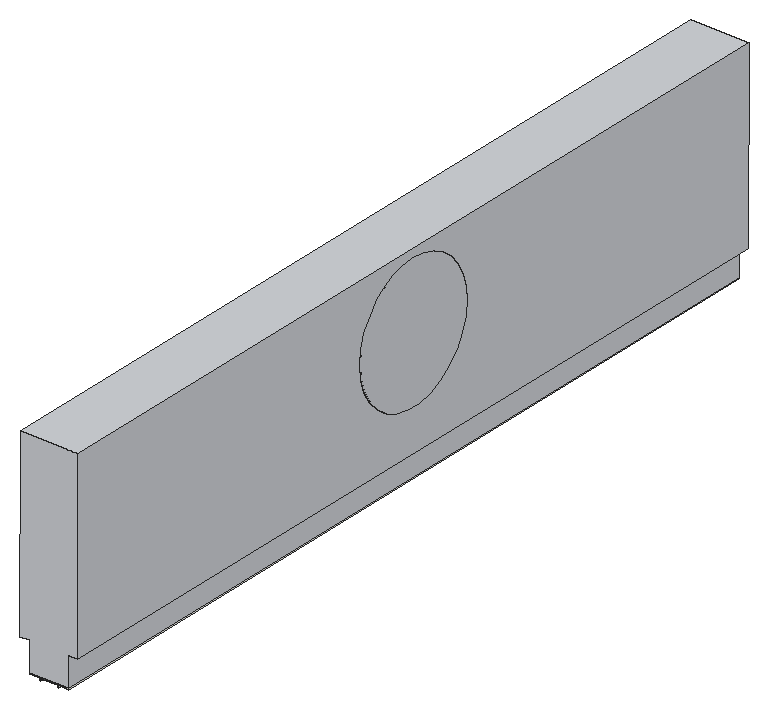
Revit family "MADEL_DIFFUSER_HIDDEN LINEAR_LOOK-SM+PLOK-SM (1.D1)_0", category Air Terminals, Revit 2015
Parameters (values of type "LOOK-SM+PLOK-SM 20x1000")
  n_factor = 27.054
  m_factor = 1.9026
  c_factor = 7.2288
  b_factor = -0.14546
  Vmin = 2.5 m/s  # constant formula
  Vmed = 3.5 m/s  # constant formula
  Vmax = 4.5 m/s  # constant formula
  V[m/s] [instance] = Q / Afree / 1.0 m/s  # 3.5
  URL = "http://www.madel.com/en/producto/look-hidden-linear-diffusers/"
  Standard = "UNE 23-727 M2/ NFP 92-501 M2/ DIN 4102 M2"  # constant formula
  Revit Version = "Revit 2015 - English"  # constant formula
  Review Date = "11/2016"  # constant formula
  RAL [instance] = ""
  R9010 [instance] = no
  R9005 [instance] = no
  R1 = D_Connector / 2  # 80.0 mm
  R [instance] = yes
  Q_conector [instance] = Q / 1  # 170.1 m³/h
  Q [instance] = 170.1 m³/h
  Product Type [instance] = Model  # "LOOK-SM+PLOK-SM 20x1000"
  Product Size = "20x1000"
  Product Reference [instance] = if(and(AR, Nº Options = 1), "LOOK-SM-AR+PLOK-SM", if(and(ARD, Nº Options = 1), "LOOK-SM-ARD+PLOK-SM", if(and(INT, Nº Options = 1), "LOOK-SM-INT+PLOK-SM", if(and(ARI, Nº Options = 1), "LOOK-SM-ARI+PLOK-SM", if(and(AR, R, Nº Options = 2), "LOOK-SM-AR+PLOK-SM-R", if(and(ARD, R, Nº Options = 2), "LOOK-SM-ARD+PLOK-SM-R", if(and(INT, R, Nº Options = 2), "LOOK-SM-INT+PLOK-SM-R", if(and(ARI, R, Nº Options = 2), "LOOK-SM-ARI+PLOK-SM-R", if(and(AR, R, [(D)], Nº Options = 3), "LOOK-SM-AR+PLOK-SM-R (D)", if(and(ARD, R, [(D)], Nº Options = 3), "LOOK-SM-ARD+PLOK-SM-R (D)", if(and(INT, R, [(D)], Nº Options = 3), "LOOK-SM-INT+PLOK-SM-R (D)", if(and(ARI, R, [(D)], Nº Options = 3), "LOOK-SM-ARI+PLOK-SM-R (D)", if(and(AR, R, [(PM)], Nº Options = 3), "LOOK-SM-AR+PLOK-SM-R (PM)", if(and(ARD, R, [(PM)], Nº Options = 3), "LOOK-SM-ARD+PLOK-SM-R (PM)", if(and(INT, R, [(PM)], Nº Options = 3), "LOOK-SM-INT+PLOK-SM-R (PM)", if(and(ARI, R, [(PM)], Nº Options = 3), "LOOK-SM-ARI+PLOK-SM-R (PM)", if(and(AR, R, [(L)], Nº Options = 3), "LOOK-SM-AR+PLOK-SM-R (L)", if(and(ARD, R, [(L)], Nº Options = 3), "LOOK-SM-ARD+PLOK-SM-R (L)", if(and(INT, R, [(L)], Nº Options = 3), "LOOK-SM-INT+PLOK-SM-R (L)", if(and(ARI, R, [(L)], Nº Options = 3), "LOOK-SM-ARI+PLOK-SM-R (L)", if(and(AR, AIS, R, Nº Options = 3), "LOOK-SM-AR+PLOK-SM-AIS-R", if(and(ARD, AIS, R, Nº Options = 3), "LOOK-SM-ARD+PLOK-SM-AIS-R", if(and(INT, AIS, R, Nº Options = 3), "LOOK-SM-INT+PLOK-SM-AIS-R", if(and(ARI, AIS, R, Nº Options = 3), "LOOK-SM-ARI+PLOK-SM-AIS-R", if(and(AR, AIS, Nº Options = 2), "LOOK-SM-AR+PLOK-SM-AIS", if(and(ARD, AIS, Nº Options = 2), "LOOK-SM-ARD+PLOK-SM-AIS", if(and(INT, AIS, Nº Options = 2), "LOOK-SM-INT+PLOK-SM-AIS", if(and(ARI, AIS, Nº Options = 2), "LOOK-SM-ARI+PLOK-SM-AIS", if(and(AR, AIS, [(D)], Nº Options = 3), "LOOK-SM-AR+PLOK-SM-AIS (D)", if(and(ARD, AIS, [(D)], Nº Options = 3), "LOOK-SM-ARD+PLOK-SM-AIS (D)", if(and(INT, AIS, [(D)], Nº Options = 3), "LOOK-SM-INT+PLOK-SM-AIS (D)", if(and(ARI, AIS, [(D)], Nº Options = 3), "LOOK-SM-ARI+PLOK-SM-AIS (D)", if(and(AR, AIS, [(PM)], Nº Options = 3), "LOOK-SM-AR+PLOK-SM-AIS (PM)", if(and(ARD, AIS, [(PM)], Nº Options = 3), "LOOK-SM-ARD+PLOK-SM-AIS (PM)", if(and(INT, AIS, [(PM)], Nº Options = 3), "LOOK-SM-INT+PLOK-SM-AIS (PM)", if(and(ARI, AIS, [(PM)], Nº Options = 3), "LOOK-SM-ARI+PLOK-SM-AIS (PM)", if(and(AR, AIS, [(L)], Nº Options = 3), "LOOK-SM-AR+PLOK-SM-AIS (L)", if(and(ARD, AIS, [(L)], Nº Options = 3), "LOOK-SM-ARD+PLOK-SM-AIS (L)", if(and(INT, AIS, [(L)], Nº Options = 3), "LOOK-SM-INT+PLOK-SM-AIS (L)", if(and(ARI, AIS, [(L)], Nº Options = 3), "LOOK-SM-ARI+PLOK-SM-AIS (L)", if(and(AR, R, AIS, [(D)], Nº Options = 4), "LOOK-SM-AR+PLOK-SM-AIS-R (D)", if(and(ARD, R, AIS, [(D)], Nº Options = 4), "LOOK-SM-ARD+PLOK-SM-AIS-R (D)", if(and(INT, R, AIS, [(D)], Nº Options = 4), "LOOK-SM-INT+PLOK-SM-AIS-R (D)", if(and(ARI, R, AIS, [(D)], Nº Options = 4), "LOOK-SM-ARI+PLOK-SM-AIS-R (D)", if(and(AR, R, AIS, [(PM)], Nº Options = 4), "LOOK-SM-AR+PLOK-SM-AIS-R (PM)", if(and(ARD, R, AIS, [(PM)], Nº Options = 4), "LOOK-SM-ARD+PLOK-SM-AIS-R (PM)", if(and(INT, R, AIS, [(PM)], Nº Options = 4), "LOOK-SM-INT+PLOK-SM-AIS-R (PM)", if(and(ARI, R, AIS, [(PM)], Nº Options = 4), "LOOK-SM-ARI+PLOK-SM-AIS-R (PM)", if(and(AR, R, AIS, [(L)], Nº Options = 4), "LOOK-SM-AR+PLOK-SM-AIS-R (L)", if(and(ARD, R, AIS, [(L)], Nº Options = 4), "LOOK-SM-ARD+PLOK-SM-AIS-R (L)", if(and(INT, R, AIS, [(L)], Nº Options = 4), "LOOK-SM-INT+PLOK-SM-AIS-R (L)", if(and(ARI, R, AIS, [(L)], Nº Options = 4), "LOOK-SM-ARI+PLOK-SM-AIS-R (L)", if(and(AR, [(D)], Nº Options = 2), "LOOK-SM-AR+PLOK-SM (D)", if(and(ARD, [(D)], Nº Options = 2), "LOOK-SM-ARD+PLOK-SM (D)", if(and(INT, [(D)], Nº Options = 2), "LOOK-SM-INT+PLOK-SM (D)", if(and(ARI, [(D)], Nº Options = 2), "LOOK-SM-ARI+PLOK-SM (D)", if(and(AR, [(PM)], Nº Options = 2), "LOOK-SM-AR+PLOK-SM (PM)", if(and(ARD, [(PM)], Nº Options = 2), "LOOK-SM-ARD+PLOK-SM (PM)", if(and(INT, [(PM)], Nº Options = 2), "LOOK-SM-INT+PLOK-SM (PM)", if(and(ARI, [(PM)], Nº Options = 2), "LOOK-SM-ARI+PLOK-SM (PM)", if(and(AR, [(L)], Nº Options = 2), "LOOK-SM-AR+PLOK-SM (L)", if(and(ARD, [(L)], Nº Options = 2), "LOOK-SM-ARD+PLOK-SM (L)", if(and(INT, [(L)], Nº Options = 2), "LOOK-SM-INT+PLOK-SM (L)", if(and(ARI, [(L)], Nº Options = 2), "LOOK-SM-ARI+PLOK-SM (L)", if(Nº Options = 0, "Seleccionar accesorio/s", "Consult Manufacturer")))))))))))))))))))))))))))))))))))))))))))))))))))))))))))))))))  # "LOOK-SM-AR+PLOK-SM-R (L)"
  Plenum Connection Type = "Lateral"  # constant formula
  PLOK [instance] = 1 = 1  # yes
  Nº Plenum Connections = 1  # constant formula
  Nº Options [instance] = if(AR, 1, 0) + if(ARD, 1, 0) + if(INT, 1, 0) + if(ARI, 1, 0) + if(R, 1, 0) + if(AIS, 1, 0) + if([(D)], 1, 0) + if([(PM)], 1, 0) + if([(L)], 1, 0)  # 3
  Nº Finishes [instance] = if(R9005, 1, 0) + if(R9010, 1, 0) + if(M9016, 1, 0)  # 1
  N = 69.0 mm
  Model = "LOOK-SM+PLOK-SM 20x1000"
  Material and finishes [instance] = if(and(R9005, Nº Finishes = 1), "R9005", if(and(R9010, Nº Finishes = 1), "R9010", if(and(M9016, Nº Finishes = 1), "M9016", if(Nº Finishes = 0, "Custom RAL", "Consult Manufacturer"))))  # "M9016"
  Material Plenum Box = none
  Material Difusser = MADEL_M9016
  Material Blades = MADEL_Negro Hueco
  M9016 [instance] = yes
  Lw (dB(A)) [instance] = n_factor * (log([V[m/s]]) / log(2.7183)) + c_factor  # 41.121
  L1 = L / 2  # 500.0 mm
  L = 1000.0 mm
  J = 14.3 mm
  Type Image = <None>
  IfcExportType = "IfcAirTerminalType"  # constant formula
  IfcExportAs = "IfcAirTerminalType"  # constant formula
  INT [instance] = no
  H = 256.0 mm
  G_material = 1.2 mm
  G1 = 22.0 mm
  G = 34.8 mm
  Min Flow = Vmin * Afree  # 121.5 m³/h
  Max Flow = Vmax * Afree  # 218.7 m³/h
  Manufacturer = "MADEL"  # constant formula
  Family Version = "2.0"  # constant formula
  Description = "MADEL_Hidden linear diffusers"  # constant formula
  D_Connector = D1 + 2.0 mm  # 160.0 mm
  DPt [instance] = (10 ^ (log([V[m/s]]) * m_factor + b_factor)) * 1.0 Pa  # 7.75651 Pa
  D1 = 158.0 mm
  Type Comments = "The LOOK hidden linear diffusers are designed to combine the aesthetics with the technical performance. They can be mounted in false ceilings hiding the frame with filler and leaving visible only the slot. They allow the formation of diffuser continuous lines, with active and inactive areas, without breaking the uniformity of the whole."  # constant formula
  Created by = "BIMETRICAL"  # constant formula
  C = 47.0 mm
  BIMETRICAL Category = "AirTerminal"  # constant formula
  BIMETRICAL = "http://www.bimetrical.com"  # constant formula
  B = 20.0 mm
  Afree_factor = 0.0135 m²
  Afree = Afree_factor * L / 1000.0 mm  # 0.0135 m²
  ARI [instance] = no
  ARD [instance] = no
  AR [instance] = if(or(ARD, ARI, INT), 1 = 0, 1 = 1)  # yes
  AIS [instance] = no
  A = 55.0 mm
  (PM) [instance] = no
  (L) [instance] = yes
  (D) [instance] = no
Types (8, lengths in mm): name | n_factor | m_factor | c_factor | b_factor | R1 | Q_conector | Q | Product Type | Product Size | Product Reference | N | Model | Lw (dB(A)) | L1 | L | J | H | G1 | G | Min Flow | Max Flow | D_Connector | DPt | D1 | C | B | Afree_factor | Afree | AIS | A | (L)
  LOOK-SM+PLOK-SM 20x500 | 27.054 | 1.9026 | 7.2288 | -0.14546 | 80.0 | 85.05 m³/h | 85.05 m³/h | "LOOK-SM+PLOK-SM 20x500" | "20x500" | "LOOK-SM-AR+PLOK-SM-AIS-R" | 69.0 | "LOOK-SM+PLOK-SM 20x500" | 41.121 | 250.0 | 500.0 | 14.3 | 256.0 | 22.0 | 38.2 | 60.75 m³/h | 109.35 m³/h | 160.0 | 7.75651 Pa | 158.0 | 47.0 | 20.0 | 0.0135 m² | 0.00675 m² | yes | 55.0 | no
  LOOK-SM+PLOK-SM 30x500 | 28.103 | 1.8538 | 4.5734 | 0.14092 | 80.0 | 125.37 m³/h | 125.37 m³/h | "LOOK-SM+PLOK-SM 30x500" | "30x500" | "LOOK-SM-AR+PLOK-SM-AIS-R" | 98.0 | "LOOK-SM+PLOK-SM 30x500" | 39.7798 | 250.0 | 500.0 | 20.3 | 256.0 | 26.0 | 45.2 | 89.55 m³/h | 161.19 m³/h | 160.0 | 14.1097 Pa | 158.0 | 76.0 | 30.0 | 0.0199 m² | 0.00995 m² | yes | 84.0 | no
  LOOK-SM+PLOK-SM 40x500 | 30.365 | 1.899 | 0.3225 | 0.36284 | 80.0 | 140.49 m³/h | 140.49 m³/h | "LOOK-SM+PLOK-SM 40x500" | "40x500" | "LOOK-SM-AR+PLOK-SM-AIS-R" | 108.0 | "LOOK-SM+PLOK-SM 40x500" | 38.3626 | 250.0 | 500.0 | 20.3 | 256.0 | 26.0 | 45.2 | 100.35 m³/h | 180.63 m³/h | 160.0 | 24.8905 Pa | 158.0 | 86.0 | 40.0 | 0.0223 m² | 0.01115 m² | yes | 94.0 | no
  LOOK-SM+PLOK-SM 40x1000 | 30.365 | 1.899 | 0.3225 | 0.36284 | 100.0 | 280.98 m³/h | 280.98 m³/h | "LOOK-SM+PLOK-SM 40x1000" | "40x1000" | "LOOK-SM-AR+PLOK-SM-AIS-R" | 108.0 | "LOOK-SM+PLOK-SM 40x1000" | 38.3626 | 500.0 | 1000.0 | 20.3 | 296.0 | 26.0 | 45.2 | 200.7 m³/h | 361.26 m³/h | 200.0 | 24.8905 Pa | 198.0 | 86.0 | 40.0 | 0.0223 m² | 0.0223 m² | yes | 94.0 | no
  LOOK-SM+PLOK-SM 20x1000 | 27.054 | 1.9026 | 7.2288 | -0.14546 | 80.0 | 170.1 m³/h | 170.1 m³/h | "LOOK-SM+PLOK-SM 20x1000" | "20x1000" | "LOOK-SM-AR+PLOK-SM-R (L)" | 69.0 | "LOOK-SM+PLOK-SM 20x1000" | 41.121 | 500.0 | 1000.0 | 14.3 | 256.0 | 22.0 | 34.8 | 121.5 m³/h | 218.7 m³/h | 160.0 | 7.75651 Pa | 158.0 | 47.0 | 20.0 | 0.0135 m² | 0.0135 m² | no | 55.0 | yes
  LOOK-SM+PLOK-SM 20x1500 | 27.054 | 1.9026 | 7.2288 | -0.14546 | 80.0 | 255.15 m³/h | 255.15 m³/h | "LOOK-SM+PLOK-SM 20x1500" | "20x1500" | "LOOK-SM-AR+PLOK-SM-AIS-R" | 69.0 | "LOOK-SM+PLOK-SM 20x1500" | 41.121 | 750.0 | 1500.0 | 14.3 | 256.0 | 22.0 | 38.2 | 182.25 m³/h | 328.05 m³/h | 160.0 | 7.75651 Pa | 158.0 | 47.0 | 20.0 | 0.0135 m² | 0.02025 m² | yes | 55.0 | no
  LOOK-SM+PLOK-SM 30x1000 | 28.103 | 1.8538 | 4.5734 | 0.14092 | 80.0 | 250.74 m³/h | 250.74 m³/h | "LOOK-SM+PLOK-SM 30x1000" | "30x1000" | "LOOK-SM-AR+PLOK-SM-AIS-R" | 98.0 | "LOOK-SM+PLOK-SM 30x1000" | 39.7798 | 500.0 | 1000.0 | 20.3 | 256.0 | 26.0 | 45.2 | 179.1 m³/h | 322.38 m³/h | 160.0 | 14.1097 Pa | 158.0 | 76.0 | 30.0 | 0.0199 m² | 0.0199 m² | yes | 84.0 | no
  LOOK-SM+PLOK-SM 30x1500 | 28.103 | 1.8538 | 4.5734 | 0.14092 | 80.0 | 376.11 m³/h | 376.11 m³/h | "LOOK-SM+PLOK-SM 30x1500" | "30x1500" | "LOOK-SM-AR+PLOK-SM-AIS-R" | 98.0 | "LOOK-SM+PLOK-SM 30x1500" | 39.7798 | 750.0 | 1500.0 | 20.3 | 256.0 | 26.0 | 45.2 | 268.65 m³/h | 483.57 m³/h | 160.0 | 14.1097 Pa | 158.0 | 76.0 | 30.0 | 0.0199 m² | 0.02985 m² | yes | 84.0 | no
Reference planes
  plane 1 "Centro (Frontal/Posterior)": z = -1.2
  plane 2: y = 245
  plane 3 "Centro (Izquierda/Derecha)": x = 0
  plane 4: z = 0
  plane 5: z = 254.8
  plane 6: x = -34.5
  plane 7: x = 34.5
  plane 8: x = -20
  plane 9: x = 20
  plane 10: x = -23.5
  plane 11: x = 23.5
  plane 12: z = 20.8
  plane 13: z = 34.8
  plane 14: z = -3.4
  plane 15: x = -11.2
  plane 16: x = 11.2
  plane 17: y = -255
  plane 18: y = 745
  plane 19: y = 245
  plane 20: x = -20.5
  plane 21: x = 20.5
  plane 22: z = 35.1
  plane 23 "Linea simbolica 1": x = -10
  plane 24 "linea simbolica 2": x = 10
Forms (mm)
  Extrusion 1, solid, material "MADEL_M9016" <- "Material Difusser"
    sketch origin (0, 995, 5) x (1, 0, 0) y (0, 0, 1)
      loop
        line (-23.5, -6.2) -> (-11.2, -6.2) -> (-11.2, -8.4) -> (-10, -8.4) -> (-10, -5) -> (-23.5, -5) -> (-23.5, -6.2)
      loop
        line (10, -5) -> (10, -8.4) -> (11.2, -8.4) -> (11.2, -6.2) -> (23.5, -6.2) -> (23.5, -5) -> (10, -5)
    from 250 to 1250
  Extrusion 2, solid, material <- "Material Plenum Box"
    sketch origin (0, 995, 5) x (1, 0, 0) y (0, 0, 1)
      loop
        line (-34.5, 249.8) -> (-34.5, 30.1) -> (-23.5, 30.1) -> (-23.5, -5) -> (23.5, -5) -> (23.5, 30.1) -> (34.5, 30.1) -> (34.5, 249.8) -> (-34.5, 249.8)
    from 250 to 1250
  Extrusion 3, solid, material <- "Material Plenum Box"
    sketch origin (30.494, -21.859, 2) x (0, 1, 0) y (0, 0, 1)
      loop
        circle (266.859, 162.8) r 80
    from 4.006 to -0.994
  Extrusion 4, solid, material "MADEL_Negro Hueco" <- "Material Blades"
    sketch origin (0, 0, 0) x (1, 0, 0) y (0, 1, 0)
      loop
        line (-10, 745) -> (-10, -255) -> (10, -255) -> (10, 745) -> (-10, 745)
    from -1.2 to 0
  Extrusion 5, solid, material "MADEL_M9016" <- "Material Difusser", not visible
    sketch origin (0, 245, 5) x (1, 0, 0) y (0, 0, 1)
      loop
        line (-23.5, -5) -> (23.5, -5) -> (23.5, 15.8) -> (20.5, 15.8) -> (20.5, 29.8) -> (-20.5, 29.8) -> (-20.5, 15.8) -> (-23.5, 15.8) -> (-23.5, -5)
    from -500 to 500
Lines and regions (mm)
  symbolic lines
    curve 1: line (-10, -255, 0) -> (-10, 745, 0)
    curve 2: line (10, -255, 0) -> (10, 745, 0)
    curve 3: line (-34.5, 745, 0) -> (34.5, 745, 0)
    curve 4: line (-34.5, -255, 0) -> (-34.5, 745, 0)
    curve 5: line (34.5, -255, 0) -> (-34.5, -255, 0)
    curve 6: line (34.5, 745, 0) -> (34.5, -255, 0)
Dimensions and locks
  Extrusion 1 sketch curve to Extrusion 1 sketch curve = 1.2 mm  (x2)
  plane 1 "Centro (Frontal/Posterior)" to plane 14 = 2.2 mm
  "G": plane 13 to level
  Extrusion 3 to Extrusion 2 = 0.0 mm
  equal spacing: plane 17, plane 2, plane 18
  "L": plane 17 to plane 18
  locked: Extrusion 3 to Extrusion 3 at 5
  equal spacing: plane 11, plane 3 "Centro (Izquierda/Derecha)", plane 10
  equal spacing: plane 9, plane 3 "Centro (Izquierda/Derecha)", plane 8
  "C": plane 11 to plane 10
  equal spacing: plane 7, plane 3 "Centro (Izquierda/Derecha)", plane 6
  "N": plane 7 to plane 6
  equal spacing: plane 21, plane 3 "Centro (Izquierda/Derecha)", plane 20
  locked: plane 20 to plane 10 at 3
  locked: plane 5 to Extrusion 3 sketch curve at 10
  "B": plane 23 "Linea simbolica 1" to plane 24 "linea simbolica 2"
  "G_material": plane 15 to plane 23 "Linea simbolica 1"
  "G_material": plane 16 to plane 24 "linea simbolica 2"
  equal spacing: plane 23 "Linea simbolica 1", plane 3 "Centro (Izquierda/Derecha)", plane 24 "linea simbolica 2"
  "L1": plane 17 to plane 19
  "H": plane 5 to plane 1 "Centro (Frontal/Posterior)"
  "J": plane 22 to plane 12
  "G1": plane 12 to plane 1 "Centro (Frontal/Posterior)"
  "R1": radius of Extrusion 3 sketch curve
  aligned and locked: Extrusion 2 to plane 6  (x2)
  aligned and locked: Extrusion 2 to plane 7
  aligned and locked: Extrusion 2 to plane 5
  aligned and locked: plane 18 to Extrusion 2
  aligned and locked: Extrusion 2 to plane 17
  aligned and locked: plane 7 to Extrusion 3
  aligned and locked: plane 7 to Extrusion 2
  aligned and locked: plane 5 to Extrusion 2
  aligned and locked: plane 16 to Extrusion 1
  aligned and locked: Extrusion 1 to plane 17
  aligned and locked: plane 18 to Extrusion 1
  aligned and locked: plane 1 "Centro (Frontal/Posterior)" to Extrusion 1
  aligned and locked: Extrusion 2 to plane 22
  aligned and locked: curve 1 to plane 23 "Linea simbolica 1"
  aligned and locked: plane 24 "linea simbolica 2" to curve 2
  aligned and locked: Extrusion 1 to plane 23 "Linea simbolica 1"
  aligned and locked: Extrusion 1 to plane 24 "linea simbolica 2"
  aligned and locked: Extrusion 1 to plane 14  (x2)
  aligned and locked: Extrusion 1 to level
  aligned and locked: Extrusion 4 sketch curve to plane 18
  aligned and locked: Extrusion 4 sketch curve to plane 23 "Linea simbolica 1"
  aligned and locked: plane 17 to Extrusion 4 sketch curve
  aligned and locked: Extrusion 4 sketch curve to Extrusion 1
  aligned and locked: plane 1 "Centro (Frontal/Posterior)" to Extrusion 4
  aligned and locked: level to Extrusion 4
  aligned and locked: plane 22 to Extrusion 2 sketch curve  (x2)
  aligned and locked: Extrusion 2 sketch curve to plane 4
  aligned and locked: plane 4 to Extrusion 5 sketch curve
  aligned and locked: plane 10 to Extrusion 5 sketch curve
  aligned and locked: plane 11 to Extrusion 5 sketch curve
  aligned and locked: plane 12 to Extrusion 5 sketch curve
  aligned and locked: Extrusion 5 sketch curve to plane 12
  aligned and locked: plane 20 to Extrusion 5 sketch curve
  aligned and locked: plane 21 to Extrusion 5 sketch curve
  aligned and locked: Extrusion 5 sketch curve to plane 13
  aligned and locked: plane 18 to Extrusion 5
  aligned and locked: Extrusion 5 to plane 17
  aligned and locked: curve 3 to plane 18
  aligned and locked: curve 4 to plane 6
  aligned and locked: plane 17 to curve 5
  aligned and locked: curve 6 to plane 7
Automatic sketch dimensions
  Extrusion 2 sketch curve to plane 5 = 0.0 mm
  Extrusion 2 sketch curve to plane 6 = 0.0 mm
  Extrusion 2 sketch curve to plane 7 = 0.0 mm
  Extrusion 2 sketch curve to plane 10 = 0.0 mm
  plane 11 to Extrusion 2 sketch curve = 0.0 mm
  Extrusion 1 sketch curve to plane 1 "Centro (Frontal/Posterior)" = 0.0 mm  (x2)
  Extrusion 1 sketch curve to plane 10 = 0.0 mm
  Extrusion 1 sketch curve to plane 14 = 0.0 mm  (x2)
  Extrusion 1 sketch curve to plane 15 = 0.0 mm
  Extrusion 1 sketch curve to plane 24 "linea simbolica 2" = 0.0 mm
  Extrusion 1 sketch curve to plane 11 = 0.0 mm
  Extrusion 1 sketch curve to level = 0.0 mm  (x2)
  Extrusion 3 sketch curve to plane 2 = 0.0 mm
Connectors
  hvac at (34.5, 245, 164.8), driven by "R1", driven by "DPt", driven by "Q_conector"
    settings: on Extrusion 3, index 1, duct flow 170.1 m³/h, flow factor 0, pres drop 7.75651 Pa, loss coef 0, conn angle 0.00°, conn width 304.8 mm, conn height 304.8 mm, conn diameter 160 mm, duct sys type 1, conn prof type 0, flow config 1, flow direction 1, loss method 4, conn ref index -1, conn util no, is conn primary yes, conn desc ""
